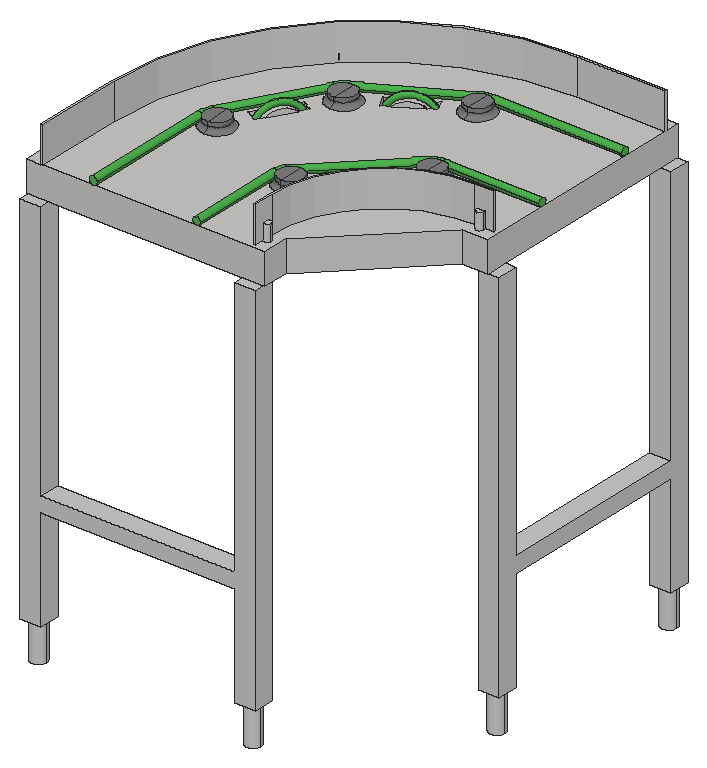
Revit family "QF_ELECTROLUXPROFESSIONAL_865184_HSCT90CCT", category Specialty Equipment, Revit 2018
Family settings
  Round Connector Dimension = Use Diameter
  Part Type = Normal
  Work Plane-Based = No
  Always vertical = Yes
  Cut with Voids When Loaded = No
  Shared = No
  Room Calculation Point = No
Parameters
  Weight = 0.00 kg
  Watts = 0 W
  Volts = 0 V
  URL Manufacturer = "http://professional.electrolux.com"
  URL = "http://professional.electrolux.com"
  Steam Supply Size = 0 mm
  Steam Supply Minimum Pressure = 0.0 Pa
  Steam Supply Maximum Pressure = 0.0 Pa
  Steam Pounds per Hour = 0
  Show Logo [instance] = yes
  Show Clearance [instance] = yes
  Refrigeration Suction Line Size = 0 mm
  Refrigeration Liquid Line Size = 0 mm
  Refrigerant Compressor Remote = yes
  Manufacturer = "Electrolux"
  Phase = 0
  Model = "HSCT90CCT"
  Length Actual = 700 mm  # constant formula
  Item Number = "865184"
  Hot Water Size = 0 mm
  Height Actual = 910 mm  # constant formula
  HP = "0 HP"
  Gas Size = 0 mm
  Gas KW = 0
  Gas Input Pressure = 0 W
  Description = "90°CURVE+LEGS FOR CORD CONVEYOR (TRAYS)"
  Depth Actual = 700 mm  # constant formula
  Cycle = 0 Hz
  Condensate Return Size = 0 mm
  Compressed Air Volume = 0.0 L/s
  Compressed Air Size = 0 mm
  Compressed Air Pressure = 0.0 Pa
  Cold Water Size = 0 mm
  Accessory = yes
Reference planes
  plane 1 "Center (Front/Back)": y = 0
  plane 2: z = 0
  plane 3 "Center (Left/Right)": x = 0
  plane 4 "LEFT": x = -460
  plane 5 "BACK": y = 460
  plane 6: z = 930
  plane 7: z = 300
  plane 8: z = 860
  plane 9: z = 72
  plane 10 "RIGHT": x = 240
  plane 11 "FRONT": y = -240
Forms (mm)
  Extrusion 1, solid, material "QF_Finishes_Stainless Steel"
    sketch origin (-80, 80, 0) x (1, 0, 0) y (0, 1, 0)
      loop
        line (80, -320) -> (80, -269.4) -> (269.4, -80) -> (320, -80) -> (320, 380) -> (-70.4, 380) -> (-380, 70.4) -> (-380, -320) -> (80, -320)
    from 801 to 860
  Extrusion 2, solid, material "QF_Finishes_Stainless Steel"
    sketch origin (-80, 80, 0) x (1, 0, 0) y (0, 1, 0)
      loop
        line (-337.75, -340) -> (-337.75, -300) -> (-377.75, -300) -> (-377.75, -340) -> (-337.75, -340)
      loop
        line (77.75, -340) -> (77.75, -300) -> (37.75, -300) -> (37.75, -340) -> (77.75, -340)
      loop
        line (340, 377.75) -> (300, 377.75) -> (300, 337.75) -> (340, 337.75) -> (340, 377.75)
      loop
        line (340, -37.75) -> (300, -37.75) -> (300, -77.75) -> (340, -77.75) -> (340, -37.75)
    from 72 to 801
  Extrusion 3, solid, material "QF_Finishes_Stainless Steel"
    sketch origin (-80, 80, 0) x (1, 0, 0) y (0, 1, 0)
      loop
        line (320, 353) -> (149, 353)
        arc (149, 353) -> (-205.968, 205.968) -> (-353, -149) r 502
        line (-353, -149) -> (-353, -320) -> (-349, -320) -> (-349, -149)
        arc (-349, -149) -> (-203.139, 203.139) -> (149, 349) r 498
        line (149, 349) -> (320, 349) -> (320, 353)
    from 860 to 930
  Extrusion 4, solid, material "QF_Finishes_Stainless Steel"
    sketch origin (-80, 80, 0) x (1, 0, 0) y (0, 1, 0)
      loop
        arc (272.5, -51.491) -> (116.229, -116.22) -> (51.5, -272.491) r 221
        line (51.5, -272.491) -> (51.5, -310) -> (54.5, -310) -> (54.5, -272.491)
        arc (54.5, -272.491) -> (118.351, -118.342) -> (272.5, -54.491) r 218
        line (272.5, -54.491) -> (310.009, -54.491) -> (310.009, -51.491) -> (272.5, -51.491)
    from 860 to 930
  Sweep 5, solid, material "QF_Finishes_Green"
    path origin (-80, 80, 860) x (1, 0, 0) y (0, 1, 0)
      loop
        line (320, 251.476) -> (64.884, 251.476)
        arc (64.884, 251.476) -> (52.178, 249.834) -> (40.305, 245.018) r 50
        line (40.305, 245.018) -> (-129.954, 148.907)
        arc (-129.954, 148.907) -> (-140.732, 140.72) -> (-148.918, 129.942) r 50
        line (-148.918, 129.942) -> (-245, -40.29)
        arc (-245, -40.29) -> (-249.816, -52.162) -> (-251.457, -64.867) r 50
        line (-251.457, -64.867) -> (-251.457, -320)
    profile origin (112.442, 331.476, 860) x (0, -1, 0) y (0, 0, 1)
      loop
        circle (0, 7.9) r 7.5
  Sweep 6, solid, material "QF_Finishes_Green"
    path origin (-80, 80, 860) x (1, 0, 0) y (0, 1, 0)
      loop
        line (320, 51.475) -> (132.4, 51.476)
        arc (132.4, 51.476) -> (128.701, 51.232) -> (125.053, 50.58) r 31.45
        arc (125.053, 50.58) -> (117.032, 47.439) -> (110.164, 42.241) r 31.45
        line (110.164, 42.241) -> (-42.261, -110.135)
        arc (-42.261, -110.135) -> (-43.772, -111.809) -> (-45.185, -113.563) r 31.45
        arc (-45.185, -113.563) -> (-49.843, -122.474) -> (-51.45, -132.4) r 31.45
        line (-51.45, -132.4) -> (-51.487, -320)
    profile origin (146.2, 131.476, 860) x (-0.000003, -1, 0) y (0, 0, 1)
      loop
        circle (0, 7.9) r 7.5
  Extrusion 7, solid, material "QF_Finishes_Stainless Steel"
    sketch origin (-80, 80, 0) x (1, 0, 0) y (0, 1, 0)
      loop
        circle (287.509, -58.991) r 7
      loop
        circle (59, -287.5) r 7
      loop
        circle (-357.5, -280) r 7
      loop
        circle (-209.15, 209.15) r 7
      loop
        circle (280, 357.5) r 7
    from 860 to 890
  Extrusion 8, void
    sketch origin (-80, 80, 0) x (1, 0, 0) y (0, 1, 0)
      loop
        line (-209.797, 1.5) -> (-187.28, -11.5) -> (-142.28, 66.442) -> (-164.797, 79.442) -> (-209.797, 1.5)
      loop
        line (-66.442, 142.28) -> (11.5, 187.28) -> (-1.5, 209.797) -> (-79.442, 164.797) -> (-66.442, 142.28)
    from 801 to 860
  Extrusion 9, solid, material "QF_Finishes_Stainless Steel"
    sketch origin (-293.547, 75.005, -19.6) x (0.5, 0.866025, 0) y (0, 0, 1)
      loop
        circle (52.5, 850) r 40
    from 0 to 26
  Sweep 10, solid, material "QF_Finishes_Green"
    path in 3D
      loop
        arc (-224.78, 142.112, 830.4) -> (-244.78, 107.471, 790.4) -> (-264.78, 72.83, 830.4) r 40
        arc (-264.78, 72.83, 830.4) -> (-244.78, 107.471, 870.4) -> (-224.78, 142.112, 830.4) r 40
    profile origin (-244.78, 107.471, 870.4) x (0, 0, 1) y (0.866025, -0.5, 0)
      loop
        circle (5, -13.261) r 5
  Extrusion 11, solid, material "QF_Finishes_Stainless Steel"
    sketch origin (-75.005, 293.547, -19.6) x (-0.866025, -0.5, 0) y (0, 0, -1)
      loop
        circle (52.5, -850) r 40
    from 0 to 26
  Sweep 12, solid, material "QF_Finishes_Green"
    path in 3D
      loop
        arc (-72.83, 264.78, 830.4) -> (-107.471, 244.78, 790.4) -> (-142.112, 224.78, 830.4) r 40
        arc (-142.112, 224.78, 830.4) -> (-107.471, 244.78, 870.4) -> (-72.83, 264.78, 830.4) r 40
    profile origin (-107.471, 244.78, 870.4) x (0, 0, 1) y (0.5, -0.866025, 0)
      loop
        circle (5, -13.261) r 5
  Extrusion 13, solid, material "QF_Finishes_Stainless Steel"
    sketch origin (-80, 80, 0) x (1, 0, 0) y (0, 1, 0)
      loop
        circle (-357.75, -320) r 15
      loop
        circle (57.75, -320) r 15
      loop
        circle (320, 357.75) r 15
      loop
        circle (320, -57.75) r 15
    from 0 to 72
  Revolve 14, solid, material "QF_Finishes_Grey"
    sketch origin (-300, 60, 15.4) x (0, 1, 0) y (0, 0, 1)
      loop
        line (-40, 844.6) -> (-8, 844.6)
        arc (-8, 844.6) -> (-14.543, 847.813) -> (-16, 854.955) r 8.268
        line (-16, 854.955) -> (-16, 862.411) -> (-40, 862.411) -> (-40, 844.6)
      axis (-40, 844.6) -> (-40, 862.411)
    angle from 0 to 360
  Revolve 15, solid, material "QF_Finishes_Grey"
    sketch origin (-198.961, 238.961, 15.4) x (0, 1, 0) y (0, 0, 1)
      loop
        line (-40, 844.6) -> (-8, 844.6)
        arc (-8, 844.6) -> (-14.543, 847.813) -> (-16, 854.955) r 8.268
        line (-16, 854.955) -> (-16, 862.411) -> (-40, 862.411) -> (-40, 844.6)
      axis (-40, 844.6) -> (-40, 862.411)
    angle from 0 to 360
  Revolve 16, solid, material "QF_Finishes_Grey"
    sketch origin (-20, 340, 15.4) x (0, 1, 0) y (0, 0, 1)
      loop
        line (-40, 844.6) -> (-8, 844.6)
        arc (-8, 844.6) -> (-14.543, 847.813) -> (-16, 854.955) r 8.268
        line (-16, 854.955) -> (-16, 862.411) -> (-40, 862.411) -> (-40, 844.6)
      axis (-40, 844.6) -> (-40, 862.411)
    angle from 0 to 360
  Revolve 17, solid, material "QF_Finishes_Grey"
    sketch origin (52.4, 140, 15.4) x (0, 1, 0) y (0, 0, 1)
      loop
        line (-40, 844.6) -> (-8, 844.6)
        arc (-8, 844.6) -> (-14.543, 847.813) -> (-16, 854.955) r 8.268
        line (-16, 854.955) -> (-16, 862.411) -> (-40, 862.411) -> (-40, 844.6)
      axis (-40, 844.6) -> (-40, 862.411)
    angle from 0 to 360
  Revolve 18, solid, material "QF_Finishes_Grey"
    sketch origin (-100, -12.4, 15.4) x (0, 1, 0) y (0, 0, 1)
      loop
        line (-40, 844.6) -> (-8, 844.6)
        arc (-8, 844.6) -> (-14.543, 847.813) -> (-16, 854.955) r 8.268
        line (-16, 854.955) -> (-16, 862.411) -> (-40, 862.411) -> (-40, 844.6)
      axis (-40, 844.6) -> (-40, 862.411)
    angle from 0 to 360
  Extrusion 19, solid, material "QF_Finishes_Stainless Steel"
    sketch origin (-295, -470.367, 0) x (-1, 0, 0) y (0, 0, -1)
      loop
        line (-515, -300) -> (-515, -270) -> (-555, -270) -> (-555, -300) -> (-515, -300)
    from -888.117 to -512.617
  Extrusion 20, solid, material "QF_Finishes_Stainless Steel"
    sketch origin (-298.5, -312.5, 0) x (0, 1, 0) y (0, 0, -1)
      loop
        line (92.5, -300) -> (92.5, -270) -> (52.5, -270) -> (52.5, -300) -> (92.5, -300)
    from -256.25 to 119.25
Cuts and joins
  Extrusion 8 cuts Extrusion 1
  joined: Extrusion 1, Extrusion 2, Extrusion 3, Extrusion 4, Extrusion 7, Extrusion 9, Extrusion 11, Extrusion 13, Extrusion 19, Extrusion 20
Lines and regions (mm)
  sketch lines
    curve 1: arc (-264.78, 72.83, 830.4) -> (-244.78, 107.471, 870.4) -> (-224.78, 142.112, 830.4) r 40
    curve 2: arc (-224.78, 142.112, 830.4) -> (-244.78, 107.471, 790.4) -> (-264.78, 72.83, 830.4) r 40
    curve 3: arc (-142.112, 224.78, 830.4) -> (-107.471, 244.78, 870.4) -> (-72.83, 264.78, 830.4) r 40
    curve 4: arc (-72.83, 264.78, 830.4) -> (-107.471, 244.78, 790.4) -> (-142.112, 224.78, 830.4) r 40
  symbolic lines
    curve 5: line (0, -240, 0) -> (-460, -240, 0)
    curve 6: line (-460, -240, 0) -> (-460, 150.4, 0)
    curve 7: line (-460, 150.4, 0) -> (-150.4, 460, 0)
    curve 8: line (-150.4, 460, 0) -> (240, 460, 0)
    curve 9: line (240, 460, 0) -> (240, 0, 0)
    curve 10: line (240, 0, 0) -> (189.4, 0, 0)
    curve 11: line (189.4, 0, 0) -> (0, -189.4, 0)
    curve 12: line (0, -189.4, 0) -> (0, -240, 0)
    curve 13: line (240, 42.25, 0) -> (260, 42.25, 0)
    curve 14: line (260, 42.25, 0) -> (260, 2.25, 0)
    curve 15: line (260, 2.25, 0) -> (240, 2.25, 0)
    curve 16: line (240, 457.75, 0) -> (260, 457.75, 0)
    curve 17: line (260, 457.75, 0) -> (260, 417.75, 0)
    curve 18: line (260, 417.75, 0) -> (240, 417.75, 0)
    curve 19: line (-2.25, -240, 0) -> (-2.25, -260, 0)
    curve 20: line (-2.25, -260, 0) -> (-42.25, -260, 0)
    curve 21: line (-42.25, -260, 0) -> (-42.25, -240, 0)
    curve 22: line (-457.75, -240, 0) -> (-457.75, -260, 0)
    curve 23: line (-457.75, -260, 0) -> (-417.75, -260, 0)
    curve 24: line (-417.75, -260, 0) -> (-417.75, -240, 0)
    curve 25: arc (-433, -194.638, 0) -> (-444.5, -200, 0) -> (-433, -205.362, 0) r 7
    curve 26: line (-433, -69, 0) -> (-433, -240, 0)
    curve 27: arc (69, 433, 0) -> (-285.968, 285.968, 0) -> (-433, -69, 0) r 502
    curve 28: line (240, 433, 0) -> (69, 433, 0)
    curve 29: arc (205.362, 433, 0) -> (200, 444.5, 0) -> (194.638, 433, 0) r 7
    curve 30: arc (-282.173, 289.722, 0) -> (-294.099, 294.099, 0) -> (-289.722, 282.173, 0) r 7
    curve 31: circle (-300, 20, 0) r 24 normal (0, 0, 1)
    curve 32: arc (-310.493, 50.231, 0) -> (-269.043, 11.898, 0) -> (-323.957, -1.214, 0) r 32
    curve 33: line (-244.797, 159.442, 0) -> (-289.797, 81.5, 0)
    curve 34: line (-222.28, 146.442, 0) -> (-244.797, 159.442, 0)
    curve 35: line (-267.28, 68.5, 0) -> (-222.28, 146.442, 0)
    curve 36: line (-289.797, 81.5, 0) -> (-267.28, 68.5, 0)
    curve 37: line (-278.538, 75, 0) -> (-233.538, 152.942, 0)
    curve 38: line (-159.442, 244.797, 0) -> (-146.442, 222.28, 0)
    curve 39: line (-146.442, 222.28, 0) -> (-68.5, 267.28, 0)
    curve 40: line (-68.5, 267.28, 0) -> (-81.5, 289.797, 0)
    curve 41: line (-81.5, 289.797, 0) -> (-159.442, 244.797, 0)
    curve 42: circle (-198.961, 198.961, 0) r 24 normal (0, 0, 1)
    curve 43: arc (-230.267, 192.329, 0) -> (-176.334, 176.334, 0) -> (-192.329, 230.267, 0) r 32
    curve 44: circle (-20, 300, 0) r 24 normal (0, 0, 1)
    curve 45: arc (-50.231, 310.493, 0) -> (-11.867, 269.051, 0) -> (1.166, 324, 0) r 32
    curve 46: line (-323.957, -240, 0) -> (-323.957, 18.568, 0)
    curve 47: line (-338.957, -240, 0) -> (-338.957, 15.871, 0)
    curve 48: line (240, 338.976, 0) -> (-15.837, 338.976, 0)
    curve 49: line (-20, 324, 0) -> (240, 324, 0)
    curve 50: line (-210.761, 219.861, 0) -> (-31.886, 320.85, 0)
    curve 51: line (-320.899, 31.799, 0) -> (-219.864, 210.755, 0)
    curve 52: line (-331.851, 42.911, 0) -> (-235.112, 214.258, 0)
    curve 53: line (-214.258, 235.112, 0) -> (-42.877, 331.87, 0)
    curve 54: line (-152.942, 233.538, 0) -> (-75, 278.538, 0)
    curve 55: arc (-25.5, -192.491, 0) -> (38.351, -38.342, 0) -> (192.5, 25.509, 0) r 218
    curve 56: line (-25.5, -230, 0) -> (-25.5, -192.491, 0)
    curve 57: arc (-25.5, -212.862, 0) -> (-14, -207.5, 0) -> (-25.5, -202.138, 0) r 7
    curve 58: line (192.5, 25.509, 0) -> (230.009, 25.509, 0)
    curve 59: arc (202.147, 25.509, 0) -> (207.509, 14.009, 0) -> (212.871, 25.509, 0) r 7
    curve 60: line (-429, -240, 0) -> (-429, -69, 0)
    curve 61: arc (-429, -69, 0) -> (-283.139, 283.139, 0) -> (69, 429, 0) r 498
    curve 62: line (69, 429, 0) -> (240, 429, 0)
    curve 63: line (-28.5, -230, 0) -> (-25.5, -230, 0)
    curve 64: line (-28.5, -192.491, 0) -> (-28.5, -230, 0)
    curve 65: arc (192.5, 28.509, 0) -> (36.229, -36.22, 0) -> (-28.5, -192.491, 0) r 221
    curve 66: line (230.009, 28.509, 0) -> (192.5, 28.509, 0)
    curve 67: line (230.009, 25.509, 0) -> (230.009, 28.509, 0)
    curve 68: circle (-100, -52.4, 0) r 24 normal (0, 0, 1)
    curve 69: circle (52.4, 100, 0) r 24 normal (0, 0, 1)
    curve 70: arc (20.463, 102.004, 0) -> (64.629, 70.429, 0) -> (73.594, 123.975, 0) r 32
    curve 71: line (-123.987, -240, 0) -> (-123.987, -53.177, 0)
    curve 72: line (-138.987, -240, 0) -> (-138.987, -52.802, 0)
    curve 73: line (240, 123.975, 0) -> (53.485, 123.975, 0)
    curve 74: line (240, 138.975, 0) -> (52.79, 138.975, 0)
    curve 75: line (35.429, 116.971, 0) -> (-116.971, -35.429, 0)
    curve 76: line (24.505, 127.26, 0) -> (-127.272, -24.517, 0)
    curve 77: arc (-123.987, -73.58, 0) -> (-70.432, -64.637, 0) -> (-102.004, -20.463, 0) r 32
    curve 78: arc (-338.957, 15.871, 0) -> (-337.151, 29.85, 0) -> (-331.851, 42.911, 0) r 55
    curve 79: arc (-235.112, 214.258, 0) -> (-226.109, 226.109, 0) -> (-214.258, 235.112, 0) r 55
    curve 80: arc (-138.987, -52.802, 0) -> (-135.943, -37.494, 0) -> (-127.272, -24.517, 0) r 40
    curve 81: arc (52.79, 138.975, 0) -> (37.482, 135.931, 0) -> (24.505, 127.26, 0) r 40
    curve 82: arc (-42.877, 331.87, 0) -> (-29.816, 337.17, 0) -> (-15.837, 338.976, 0) r 55
Dimensions and locks
  plane 4 "LEFT" to plane 3 "Center (Left/Right)" = 460 mm
  plane 6 to level = 930 mm
  plane 6 to plane 7 = 630 mm
  plane 8 to level = 860 mm
  aligned and locked: level to plane 2
  aligned and locked: plane 6 to Extrusion 3
  aligned and locked: Extrusion 4 to plane 8
  aligned and locked: Extrusion 13 to Extrusion 2
